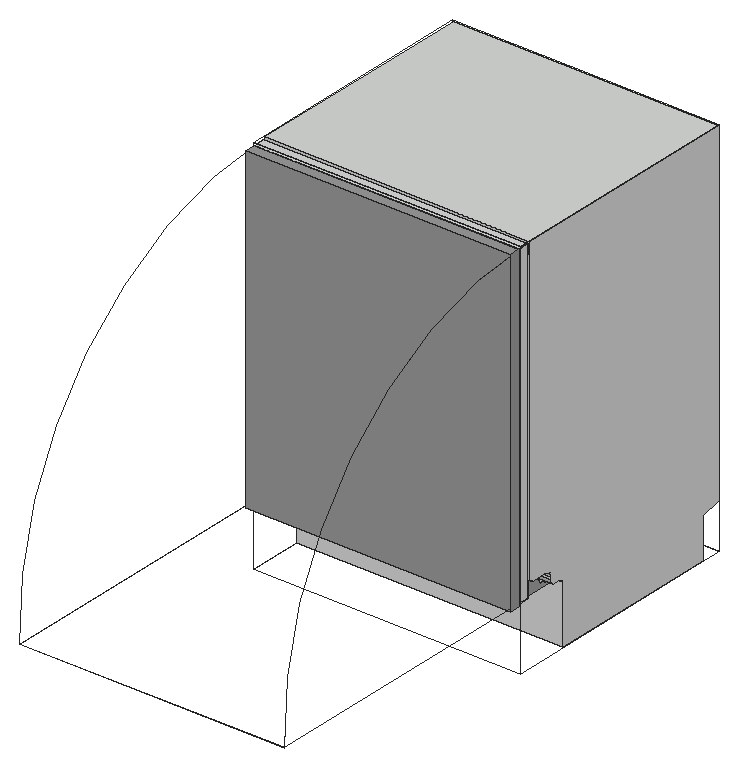
Revit family "DW24UT2I3 DRAFT", category Specialty Equipment, Revit 2020
Family settings
  Round Connector Dimension = Use Diameter
  Part Type = Normal
  Work Plane-Based = Yes
  Always vertical = No
  Cut with Voids When Loaded = Yes
  Shared = No
  Room Calculation Point = No
Parameters (values of type "DW24UT2I3")
  URL = "www.fisherpaykel.com"
  Product - Width = 598 mm  # constant formula
  Product - Minimum Height (857mm - 917mm) = 857 mm
  Product - Depth = 560 mm
  Model = "DW24UT2I3"
  Manufacturer = "Fisher & Paykel Appliances"
  Description = "Series 7, Integrated Tall Dishwasher"
  Default Elevation = 0 mm
  Cavity - Width = 600 mm
  Cavity - Height = 860 mm
  Cavity - Depth = 560 mm
Reference planes
  plane 1 "Center (Front/Back)": y = 0
  plane 2: z = 0
  plane 3 "Center (Left/Right)": x = 0
  plane 4 "Product - LHS": x = -299
  plane 5 "Product - RHS": x = 299
  plane 6 "Cavity - RHS": x = 300
  plane 7 "Cavity - LHS": x = -300
  plane 8 "Product - Depth": y = 560
  plane 9 "Cavity - Depth": y = 560
  plane 10 "Product - Height": z = 857
  plane 11 "Cavity - Height": z = 860
Forms (mm)
  Extrusion 1, solid, not visible
    sketch origin (-149.236, 268.236, 0) x (0, 1, 0) y (1, 0, 0)
      loop
        line (-528.472, 298.472) -> (-528.472, 0) -> (0, 0) -> (0, 298.472) -> (-528.472, 298.472)
    from 0 to -4
  Extrusion 2, solid, not visible
    sketch origin (-149.236, 268.236, 4) x (0, 1, 0) y (-1, 0, 0)
      loop
        line (-86.236, -44.236) -> (-86.236, -229.236) -> (-46.236, -229.236) -> (-46.236, -44.236) -> (-86.236, -44.236)
      loop
        line (-60.236, -234.236) -> (-82.236, -234.236) -> (-82.236, -276.236) -> (-60.236, -276.236) -> (-60.236, -234.236)
    from 0 to -2.95
  Extrusion 3, solid, material "Fisher & Paykel - Steel Galvanized"
    sketch origin (0, 0, 1.153) x (0, 1, 0) y (0, 0, 1)
      loop
        line (29.136, 857) -> (29.136, 175.828)
        arc (29.136, 175.828) -> (33.817, 171.477) -> (40.009, 169.899) r 12.934
        line (40.009, 169.899) -> (73.309, 169.899)
        arc (73.309, 169.899) -> (83.414, 165.713) -> (87.599, 155.609) r 14.29
        line (87.599, 155.609) -> (87.599, 149.6)
        arc (87.599, 149.6) -> (90.733, 142.034) -> (98.299, 138.9) r 10.7
        line (98.299, 138.9) -> (113.47, 138.9)
        arc (113.47, 138.9) -> (118.435, 136.844) -> (120.491, 131.879) r 7.021
        line (120.491, 131.879) -> (120.491, 0) -> (515, 0) -> (515, 91.127) -> (560, 101.516) -> (560, 857) -> (29.136, 857)
    from -298.507 to 298.507
  Extrusion 4, solid, material "Fisher & Paykel - Steel Galvanized"
    sketch origin (0, 0, 1.153) x (0, 1, 0) y (0, 0, 1)
      loop
        line (0, 853.652) -> (0, 138.269) -> (24.696, 138.269) -> (24.696, 853.652) -> (0, 853.652)
    from -297 to 297
  Extrusion 5, solid, material "Fisher & Paykel - Steel Galvanized"
    sketch origin (0, 29.136, 176.982) x (0, 0, 1) y (-1, 0, 0)
      loop
        line (657.823, 297) -> (-0.918, 297) -> (-0.918, -297) -> (657.823, -297) -> (657.823, 297)
    from 0 to 4.44
  Extrusion 6, solid
    sketch origin (-0.129, 123.446, 1.153) x (1, 0, 0) y (0, -1, 0)
      loop
        circle (250.183, -370.727) r 13.445
      loop
        circle (238.281, -20.313) r 13.445
      loop
        circle (-238.428, -20.313) r 13.445
      loop
        circle (-250.335, -370.885) r 13.445
    from 0 to 1.153
  Extrusion 7, solid, material "Oak, White"
    sketch origin (0, 0, 139.423) x (0, 0, 1) y (-1, 0, 0)
      loop
        line (715.382, -297.5) -> (715.382, 297.5) -> (-3.42, 297.5) -> (-3.42, -297.5) -> (715.382, -297.5)
    from 0 to 25
  Extrusion 8, solid, material "Fisher & Paykel - Clearance Required"
    sketch origin (0, 0, 0) x (1, 0, 0) y (0, 1, 0)
      loop
        line (-300, 560) -> (-300, 0) -> (300, 0) -> (300, 560) -> (-300, 560)
    from 0 to 860
  Extrusion 9, void, detail levels coarse
    sketch origin (0, 0, 0) x (1, 0, 0) y (0, 1, 0)
      loop
        line (-300, 560) -> (-300, 0) -> (300, 0) -> (300, 560) -> (-300, 560)
    from 0 to 860
  Extrusion 10, solid, material "Default"
    sketch origin (283.35, -1528, 138.163) x (0, 0, 1) y (0, -1, 0)
      loop
        line (21.116, -1592.427) -> (32.889, -1592.427) -> (32.889, -1564.009)
        arc (32.889, -1564.009) -> (34.282, -1559.837) -> (37.901, -1557.336) r 6.948
        line (37.901, -1557.336) -> (37.901, -1552.696) -> (6.291, -1552.696)
        arc (6.291, -1552.696) -> (5.463, -1554.918) -> (3.304, -1555.899) r 3.09
        arc (3.304, -1555.899) -> (1.534, -1556.273) -> (0.001, -1557.234) r 5.18
        line (0.001, -1557.234) -> (-2.107, -1560.359)
        arc (-2.107, -1560.359) -> (-2.921, -1562.145) -> (-3.109, -1564.099) r 5.945
        line (-3.109, -1564.099) -> (-3.109, -1647.213)
        arc (-3.109, -1647.213) -> (0.504, -1644.678) -> (1.891, -1640.488) r 7.021
        line (1.891, -1640.488) -> (1.891, -1615.977) -> (4.058, -1613.809)
        arc (4.058, -1613.809) -> (5.054, -1612.503) -> (5.669, -1610.98) r 6.153
        line (5.669, -1610.98) -> (5.669, -1603.349) -> (21.116, -1592.427)
    from 1.281 to -1.259
  Extrusion 11, solid, material "Default"
    sketch origin (-283.348, -1528, 203.352) x (0, 0, -1) y (0, -1, 0)
      loop
        line (43.884, -1592.427) -> (59.331, -1603.349) -> (59.331, -1610.98)
        arc (59.331, -1610.98) -> (59.946, -1612.503) -> (60.942, -1613.809) r 6.153
        line (60.942, -1613.809) -> (63.109, -1615.977) -> (63.109, -1640.488)
        arc (63.109, -1640.488) -> (64.496, -1644.678) -> (68.109, -1647.213) r 7.021
        line (68.109, -1647.213) -> (68.109, -1564.099)
        arc (68.109, -1564.099) -> (67.921, -1562.145) -> (67.107, -1560.359) r 5.945
        line (67.107, -1560.359) -> (64.999, -1557.234)
        arc (64.999, -1557.234) -> (63.466, -1556.273) -> (61.696, -1555.899) r 5.18
        arc (61.696, -1555.899) -> (59.537, -1554.918) -> (58.709, -1552.696) r 3.09
        line (58.709, -1552.696) -> (27.099, -1552.696) -> (27.099, -1557.336)
        arc (27.099, -1557.336) -> (30.718, -1559.837) -> (32.111, -1564.009) r 6.948
        line (32.111, -1564.009) -> (32.111, -1592.427) -> (43.884, -1592.427)
    from 1.281 to -1.259
  Extrusion 12, solid, material "Fisher & Paykel - Clearance Required"
    sketch origin (297.5, 0, 854.805) x (0, 0, -1) y (0, 1, 0)
      loop
        line (715.382, -658.892) -> (715.382, 24.696) -> (0, 24.696)
        arc (0, 24.696) -> (211.544, -470.042) -> (715.382, -658.892) r 684.295
    from 0 to -595
Dimensions and locks
  "Product - Width": plane 4 "Product - LHS" to plane 5 "Product - RHS"
  equal spacing: plane 4 "Product - LHS", plane 3 "Center (Left/Right)", plane 5 "Product - RHS"
  "Cavity - Width": plane 7 "Cavity - LHS" to plane 6 "Cavity - RHS"
  "Cavity - Depth": plane 9 "Cavity - Depth" to plane 1 "Center (Front/Back)"
  "Product - Depth": plane 8 "Product - Depth" to plane 1 "Center (Front/Back)"
  "Cavity - Height": plane 11 "Cavity - Height" to plane 2
  "Product - Minimum Height (857mm - 917mm)": plane 10 "Product - Height" to plane 2
  plane 1 "Center (Front/Back)" to Extrusion 8 = 560 mm
  aligned and locked: level to plane 2
  aligned and locked: Extrusion 8 sketch curve to plane 7 "Cavity - LHS"
  aligned and locked: Extrusion 8 sketch curve to plane 6 "Cavity - RHS"
  aligned and locked: Extrusion 8 sketch curve to plane 9 "Cavity - Depth"
  aligned and locked: Extrusion 8 sketch curve to plane 1 "Center (Front/Back)"
  aligned and locked: plane 11 "Cavity - Height" to Extrusion 9
  aligned and locked: Extrusion 3 sketch curve to plane 8 "Product - Depth"
  aligned and locked: Extrusion 12 sketch curve to Extrusion 4
Automatic sketch dimensions
  Extrusion 2 sketch curve to Extrusion 1 = 86.236 mm
  Extrusion 2 sketch curve to Extrusion 2 sketch curve = 40 mm
  Extrusion 2 sketch curve to Extrusion 1 = 69.236 mm
  Extrusion 2 sketch curve to Extrusion 1 = 44.236 mm
  Extrusion 2 sketch curve to Extrusion 2 sketch curve = 4 mm
  Extrusion 2 sketch curve to Extrusion 2 sketch curve = 14 mm
  Extrusion 2 sketch curve to Extrusion 2 sketch curve = 5 mm
  Extrusion 2 sketch curve to Extrusion 1 = 22.236 mm
  Extrusion 1 sketch curve to Extrusion 1 sketch curve = 0 mm  (x3)
  Extrusion 1 sketch curve to Extrusion 1 sketch curve = 528.472 mm
  Extrusion 1 sketch curve to Extrusion 1 sketch curve = 298.472 mm  (x2)
  Extrusion 4 sketch curve to plane 1 "Center (Front/Back)" = 0 mm
  Extrusion 4 sketch curve to Extrusion 4 sketch curve = 24.696 mm
  level to Extrusion 4 sketch curve = 139.423 mm
  Extrusion 4 sketch curve to plane 10 "Product - Height" = 2.195 mm
  Extrusion 3 to Extrusion 5 sketch curve = 0.918 mm
  Extrusion 3 to Extrusion 5 sketch curve = 1.508 mm  (x2)
  Extrusion 3 to Extrusion 5 sketch curve = 23.348 mm
  plane 4 "Product - LHS" to Extrusion 6 sketch curve = 48.536 mm
  plane 4 "Product - LHS" to Extrusion 6 sketch curve = 60.443 mm
  Extrusion 6 sketch curve to plane 5 "Product - RHS" = 60.848 mm
  Extrusion 6 sketch curve to plane 5 "Product - RHS" = 48.947 mm
  Extrusion 6 sketch curve to plane 1 "Center (Front/Back)" = 143.758 mm  (x2)
  Extrusion 6 sketch curve to plane 8 "Product - Depth" = 65.827 mm
  Extrusion 6 sketch curve to plane 8 "Product - Depth" = 65.67 mm
  Extrusion 7 sketch curve to Extrusion 4 = 0 mm
  Extrusion 7 sketch curve to Extrusion 4 = 0.5 mm  (x2)
  Extrusion 4 to Extrusion 7 sketch curve = 3.42 mm
  Extrusion 9 sketch curve to plane 7 "Cavity - LHS" = 0 mm
  Extrusion 9 sketch curve to plane 6 "Cavity - RHS" = 0 mm
  Extrusion 9 sketch curve to plane 1 "Center (Front/Back)" = 0 mm
  plane 9 "Cavity - Depth" to Extrusion 9 sketch curve = 0 mm
  level to Extrusion 3 sketch curve = 1.153 mm
  Extrusion 3 sketch curve to plane 8 "Product - Depth" = 45 mm
  Extrusion 3 sketch curve to plane 1 "Center (Front/Back)" = 120.491 mm
  Extrusion 3 sketch curve to Extrusion 3 sketch curve = 7.021 mm
  Extrusion 3 sketch curve to Extrusion 3 sketch curve = 15.171 mm
  Extrusion 3 sketch curve to Extrusion 3 sketch curve = 10.7 mm
  Extrusion 3 sketch curve to Extrusion 3 sketch curve = 14.29 mm
  Extrusion 3 sketch curve to Extrusion 3 sketch curve = 33.3 mm
  plane 10 "Product - Height" to Extrusion 3 sketch curve = 1.153 mm
  Extrusion 3 sketch curve to plane 1 "Center (Front/Back)" = 29.136 mm
  Extrusion 3 sketch curve to Extrusion 3 sketch curve = 91.127 mm
  Extrusion 3 sketch curve to Extrusion 3 sketch curve = 10.389 mm
  Extrusion 3 sketch curve to Extrusion 3 sketch curve = 131.879 mm
  Extrusion 3 sketch curve to Extrusion 3 sketch curve = 6.009 mm
  Extrusion 3 sketch curve to Extrusion 3 sketch curve = 5.93 mm
  level to Extrusion 10 sketch curve = 133.032 mm
  Extrusion 10 sketch curve to Extrusion 10 sketch curve = 2.021 mm
  Extrusion 10 sketch curve to plane 1 "Center (Front/Back)" = 32.359 mm
  Extrusion 10 sketch curve to Extrusion 10 sketch curve = 1.002 mm
  Extrusion 10 sketch curve to Extrusion 10 sketch curve = 4.838 mm
  Extrusion 10 sketch curve to plane 1 "Center (Front/Back)" = 29.234 mm
  Extrusion 10 sketch curve to Extrusion 10 sketch curve = 2.108 mm
  Extrusion 10 sketch curve to Extrusion 10 sketch curve = 2.183 mm
  Extrusion 10 sketch curve to Extrusion 10 sketch curve = 4.929 mm
  Extrusion 10 sketch curve to Extrusion 10 sketch curve = 3.202 mm
  Extrusion 10 sketch curve to Extrusion 10 sketch curve = 0.653 mm
  Extrusion 10 sketch curve to plane 1 "Center (Front/Back)" = 85.809 mm
  Extrusion 10 sketch curve to Extrusion 10 sketch curve = 2.168 mm  (x2)
  Extrusion 10 sketch curve to plane 1 "Center (Front/Back)" = 82.98 mm
  Extrusion 10 sketch curve to Extrusion 10 sketch curve = 1.611 mm
  Extrusion 10 sketch curve to Extrusion 10 sketch curve = 0 mm  (x2)
  Extrusion 10 sketch curve to Extrusion 10 sketch curve = 3.088 mm
  Extrusion 10 sketch curve to Extrusion 10 sketch curve = 15.447 mm
  Extrusion 10 sketch curve to Extrusion 10 sketch curve = 11.773 mm
  Extrusion 10 sketch curve to Extrusion 10 sketch curve = 5.012 mm
  Extrusion 10 sketch curve to Extrusion 10 sketch curve = 1.937 mm
  Extrusion 10 sketch curve to Extrusion 10 sketch curve = 24.512 mm
  Extrusion 10 sketch curve to Extrusion 10 sketch curve = 7.631 mm
  Extrusion 10 sketch curve to Extrusion 10 sketch curve = 10.922 mm
  Extrusion 10 sketch curve to Extrusion 10 sketch curve = 3.739 mm
  Extrusion 10 sketch curve to Extrusion 10 sketch curve = 28.418 mm
  Extrusion 10 sketch curve to Extrusion 10 sketch curve = 2.608 mm
  Extrusion 10 sketch curve to Extrusion 10 sketch curve = 4.423 mm
  Extrusion 10 sketch curve to Extrusion 10 sketch curve = 4.64 mm
  Extrusion 11 sketch curve to plane 1 "Center (Front/Back)" = 36.009 mm
  level to Extrusion 11 sketch curve = 178.19 mm
  Extrusion 11 sketch curve to Extrusion 11 sketch curve = 1.937 mm
  Extrusion 11 sketch curve to Extrusion 11 sketch curve = 6.948 mm
  Extrusion 11 sketch curve to plane 1 "Center (Front/Back)" = 64.427 mm
  Extrusion 11 sketch curve to Extrusion 11 sketch curve = 11.773 mm
  Extrusion 11 sketch curve to Extrusion 11 sketch curve = 26.599 mm
  Extrusion 11 sketch curve to Extrusion 11 sketch curve = 15.447 mm
  Extrusion 11 sketch curve to Extrusion 11 sketch curve = 0 mm  (x2)
  Extrusion 11 sketch curve to plane 1 "Center (Front/Back)" = 85.809 mm
  Extrusion 11 sketch curve to Extrusion 11 sketch curve = 1.611 mm
  Extrusion 11 sketch curve to Extrusion 11 sketch curve = 2.816 mm
  Extrusion 11 sketch curve to Extrusion 11 sketch curve = 3.088 mm
  Extrusion 11 sketch curve to Extrusion 11 sketch curve = 0.653 mm
  Extrusion 11 sketch curve to Extrusion 11 sketch curve = 2.168 mm  (x2)
  Extrusion 11 sketch curve to plane 1 "Center (Front/Back)" = 29.234 mm
  Extrusion 11 sketch curve to Extrusion 11 sketch curve = 3.474 mm
  Extrusion 11 sketch curve to Extrusion 11 sketch curve = 5.962 mm
  Extrusion 11 sketch curve to plane 1 "Center (Front/Back)" = 32.359 mm
  Extrusion 11 sketch curve to Extrusion 11 sketch curve = 2.108 mm
  Extrusion 11 sketch curve to Extrusion 11 sketch curve = 1.002 mm
  Extrusion 11 sketch curve to Extrusion 11 sketch curve = 2.021 mm
  Extrusion 11 sketch curve to Extrusion 11 sketch curve = 24.512 mm
  Extrusion 11 sketch curve to Extrusion 11 sketch curve = 2.828 mm
  Extrusion 11 sketch curve to Extrusion 11 sketch curve = 7.631 mm
  Extrusion 11 sketch curve to Extrusion 11 sketch curve = 3.739 mm
  Extrusion 11 sketch curve to Extrusion 11 sketch curve = 2.608 mm
  Extrusion 11 sketch curve to Extrusion 11 sketch curve = 4.423 mm
  Extrusion 11 sketch curve to Extrusion 11 sketch curve = 4.64 mm
  Extrusion 12 sketch curve to Extrusion 7 = 24.696 mm
  Extrusion 12 sketch curve to Extrusion 7 = 0 mm
  radius of Extrusion 6 sketch curve = 13.445 mm  (x4)
